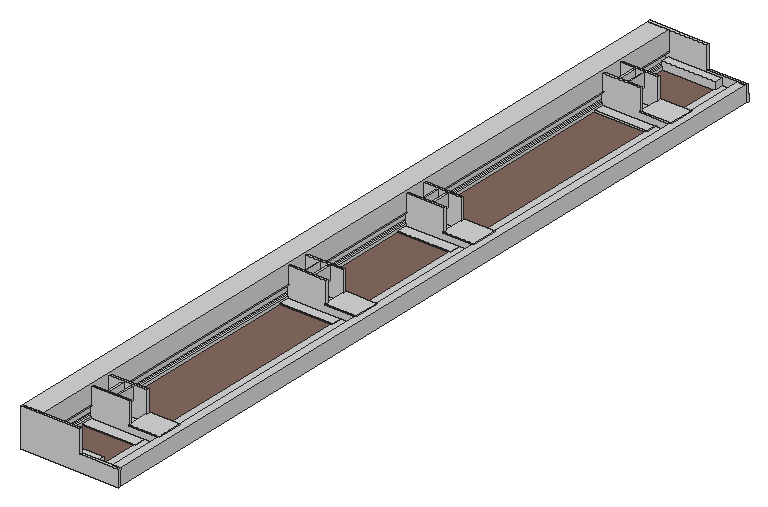
Revit family "MF_UNIVERSAL CORNER 8'_1904240", category Generic Models, Revit 2018
Family settings
  Can host rebar = No
  Round Connector Dimension = Use Diameter
  Part Type = Normal
  OmniClass Number = 35.51.14.00
  OmniClass Title = FORMWORK
  Work Plane-Based = Yes
  Always vertical = No
  Cut with Voids When Loaded = No
  Shared = Yes
  Room Calculation Point = No
Parameters
  VERSION = "20190101"  # constant formula
  URL = "www.ulmaconstruction.com/en"
  UNICLASS = ""
  ITEM_CODE = "1904240"
  Manufacturer = "ULMA CONSTRUCTION"  # constant formula
  FILTER [instance] = ""
  Default Elevation = 0.000 mm
  CLASSIFICATION_TITLE = ""
  CLASSIFICATION_NUMBER = ""
Reference planes
  plane 1 "Centro (Frontal/Posterior)": y = 0
  plane 2: z = 0
  plane 3 "Centro (Izquierda/Derecha)": x = 0
  plane 4 "ITEM_HEIGHT": y = 2438.4
Forms (mm)
  Extrusion 1, solid, material "ULMA ZINC", detail levels fine
    sketch origin (0, 0, 0) x (1, 0, 0) y (0, 0, 1)
      loop
        line (305.8, 50) -> (280.8, 50) -> (280.8, 47) -> (302.8, 47) -> (302.8, 3) -> (258.8, 3) -> (258.8, 24) -> (230.911, 24) -> (230.911, 20) -> (255.8, 20) -> (255.8, 0) -> (305.8, 0) -> (305.8, 50)
    from -2430.4 to -8
  Extrusion 2, solid, material "ULMA ZINC", detail levels fine
    sketch origin (0, 0, 0) x (1, 0, 0) y (0, 0, 1)
      loop
        line (64.999, 120) -> (0, 120) -> (0, 0) -> (7.867, 0) -> (7.867, 20) -> (64.999, 20) -> (64.999, 26.5)
        arc (64.999, 26.5) -> (63.974, 28.975) -> (61.499, 30) r 3.5
        line (61.499, 30) -> (54.999, 30)
        arc (54.999, 30) -> (53.231, 30.732) -> (52.499, 32.5) r 2.5
        line (52.499, 32.5) -> (52.499, 48.037)
        arc (52.499, 48.037) -> (52.915, 49.42) -> (54.025, 50.342) r 2.504
        line (54.025, 50.342) -> (61.342, 53.447)
        arc (61.342, 53.447) -> (64.002, 55.659) -> (64.999, 58.971) r 6.001
        line (64.999, 58.971) -> (64.999, 120)
    from -8 to -2430.4
  Extrusion 3, solid, material "ULMA ZINC", detail levels fine
    sketch origin (0, 0, 0) x (1, 0, 0) y (0, 0, 1)
      loop
        line (64.999, 24) -> (229.999, 24) -> (302.8, 24) -> (302.8, 34.699) -> (290.499, 47) -> (184.8, 47) -> (184.8, 114) -> (64.999, 114) -> (64.999, 24)
    from -197.6 to -191.6
  Extrusion 4, solid, material "ULMA ZINC", detail levels fine
    sketch origin (0, 68, 0) x (1, 0, 0) y (0, 0, 1)
      loop
        line (64.999, 24) -> (229.999, 24) -> (302.8, 24) -> (302.8, 34.699) -> (290.499, 47) -> (184.8, 47) -> (184.8, 114) -> (64.999, 114) -> (64.999, 24)
    from -197.6 to -191.6
  Extrusion 5, solid, material "ULMA ZINC", detail levels fine
    sketch origin (0, 762, 0) x (1, 0, 0) y (0, 0, 1)
      loop
        line (64.999, 24) -> (229.999, 24) -> (302.8, 24) -> (302.8, 34.699) -> (290.499, 47) -> (184.8, 47) -> (184.8, 114) -> (64.999, 114) -> (64.999, 24)
    from -197.6 to -191.6
  Extrusion 6, solid, material "ULMA ZINC", detail levels fine
    sketch origin (0, 830, 0) x (1, 0, 0) y (0, 0, 1)
      loop
        line (64.999, 24) -> (229.999, 24) -> (302.8, 24) -> (302.8, 34.699) -> (290.499, 47) -> (184.8, 47) -> (184.8, 114) -> (64.999, 114) -> (64.999, 24)
    from -197.6 to -191.6
  Extrusion 7, solid, material "ULMA ZINC", detail levels fine
    sketch origin (0, 0, 0) x (0, 1, 0) y (0, 0, 1)
      loop
        line (259.6, 109) -> (197.6, 109) -> (197.6, 24) -> (217.6, 24) -> (217.6, 69) -> (259.6, 69) -> (259.6, 109)
    from 135.499 to 141.499
  Extrusion 8, solid, material "ULMA ZINC", detail levels fine
    sketch origin (0, 762, 0) x (0, 1, 0) y (0, 0, 1)
      loop
        line (259.6, 109) -> (197.6, 109) -> (197.6, 24) -> (217.6, 24) -> (217.6, 69) -> (259.6, 69) -> (259.6, 109)
    from 135.499 to 141.499
  Extrusion 9, solid, material "ULMA ZINC", detail levels fine
    sketch origin (-29, 1219.2, 0) x (0, -1, 0) y (0, 0, -1)
      loop
        line (259.6, -109) -> (259.6, -69) -> (217.6, -69) -> (217.6, -24) -> (197.6, -24) -> (197.6, -109) -> (259.6, -109)
    from 135.499 to 141.499
  Extrusion 10, solid, material "ULMA ZINC", detail levels fine
    sketch origin (-29, 457.2, 0) x (0, -1, 0) y (0, 0, -1)
      loop
        line (259.6, -109) -> (259.6, -69) -> (217.6, -69) -> (217.6, -24) -> (197.6, -24) -> (197.6, -109) -> (259.6, -109)
    from 135.499 to 141.499
  Extrusion 11, solid, material "ULMA ZINC", detail levels fine
    sketch origin (0, 0, 0) x (1, 0, 0) y (0, 1, 0)
      loop
        line (230.911, 298.6) -> (64.999, 298.6) -> (64.999, 158.6) -> (230.911, 158.6) -> (230.911, 298.6)
    from 24 to 20
  Extrusion 12, solid, material "ULMA ZINC", detail levels fine
    sketch origin (0, 609.6, 0) x (1, 0, 0) y (0, 1, 0)
      loop
        line (184.8, 341) -> (280.8, 341) -> (280.8, 421) -> (184.8, 421) -> (184.8, 341)
    from 47 to 50
  Extrusion 13, solid, material "ULMA ZINC", detail levels fine
    sketch origin (0, -152.4, 0) x (1, 0, 0) y (0, 1, 0)
      loop
        line (184.8, 341) -> (280.8, 341) -> (280.8, 421) -> (184.8, 421) -> (184.8, 341)
    from 47 to 50
  Extrusion 14, solid, material "ULMA ZINC", detail levels fine
    sketch origin (0, 0, 0) x (1, 0, 0) y (0, 0, 1)
      loop
        line (184.8, 120) -> (0, 120) -> (0, 0) -> (305.8, 0) -> (305.8, 50) -> (184.8, 50) -> (184.8, 120)
    from 0 to -8
  Extrusion 15, solid, material "ULMA ZINC", detail levels fine
    sketch origin (0, 2430.4, 0) x (1, 0, 0) y (0, 0, 1)
      loop
        line (184.8, 120) -> (0, 120) -> (0, 0) -> (305.8, 0) -> (305.8, 50) -> (184.8, 50) -> (184.8, 120)
    from 0 to -8
  Extrusion 16, solid, material "ULMA PLYWOOD", detail levels fine
    sketch origin (0, 0, 0) x (1, 0, 0) y (0, 1, 0)
      loop
        line (255.8, 2430.4) -> (7.867, 2430.4) -> (7.867, 8) -> (255.8, 8) -> (255.8, 2430.4)
    from 0 to 20
  Extrusion 17, solid, material "ULMA ZINC", detail levels coarse+medium
    sketch origin (0, 0, 0) x (1, 0, 0) y (0, 0, 1)
      loop
        line (184.8, 120) -> (0, 120) -> (0, 0) -> (305.8, 0) -> (305.8, 50) -> (184.8, 50) -> (184.8, 120)
    from 0 to -2438.4
  Extrusion 18, solid, material "ULMA ZINC", detail levels fine
    sketch origin (0, 762, 0) x (1, 0, 0) y (0, 1, 0)
      loop
        line (230.911, 298.6) -> (64.999, 298.6) -> (64.999, 158.6) -> (230.911, 158.6) -> (230.911, 298.6)
    from 24 to 20
  Extrusion 19, solid, material "ULMA ZINC", detail levels fine
    sketch origin (0, 1219.2, 0) x (1, 0, 0) y (0, 0, 1)
      loop
        line (64.999, 24) -> (229.999, 24) -> (302.8, 24) -> (302.8, 34.699) -> (290.499, 47) -> (184.8, 47) -> (184.8, 114) -> (64.999, 114) -> (64.999, 24)
    from -197.6 to -191.6
  Extrusion 20, solid, material "ULMA ZINC", detail levels fine
    sketch origin (0, 1287.2, 0) x (1, 0, 0) y (0, 0, 1)
      loop
        line (64.999, 24) -> (229.999, 24) -> (302.8, 24) -> (302.8, 34.699) -> (290.499, 47) -> (184.8, 47) -> (184.8, 114) -> (64.999, 114) -> (64.999, 24)
    from -197.6 to -191.6
  Extrusion 21, solid, material "ULMA ZINC", detail levels fine
    sketch origin (0, 1219.2, 0) x (0, 1, 0) y (0, 0, 1)
      loop
        line (259.6, 109) -> (197.6, 109) -> (197.6, 24) -> (217.6, 24) -> (217.6, 69) -> (259.6, 69) -> (259.6, 109)
    from 135.499 to 141.499
  Extrusion 22, solid, material "ULMA ZINC", detail levels fine
    sketch origin (-29, 1676.4, 0) x (0, -1, 0) y (0, 0, -1)
      loop
        line (259.6, -109) -> (259.6, -69) -> (217.6, -69) -> (217.6, -24) -> (197.6, -24) -> (197.6, -109) -> (259.6, -109)
    from 135.499 to 141.499
  Extrusion 23, solid, material "ULMA ZINC", detail levels fine
    sketch origin (0, 1066.8, 0) x (1, 0, 0) y (0, 1, 0)
      loop
        line (184.8, 341) -> (280.8, 341) -> (280.8, 421) -> (184.8, 421) -> (184.8, 341)
    from 47 to 50
  Extrusion 24, solid, material "ULMA ZINC", detail levels fine
    sketch origin (0, 1219.2, 0) x (1, 0, 0) y (0, 1, 0)
      loop
        line (230.911, 298.6) -> (64.999, 298.6) -> (64.999, 158.6) -> (230.911, 158.6) -> (230.911, 298.6)
    from 24 to 20
  Extrusion 25, solid, material "ULMA ZINC", detail levels fine
    sketch origin (0, 1981.2, 0) x (1, 0, 0) y (0, 0, 1)
      loop
        line (64.999, 24) -> (229.999, 24) -> (302.8, 24) -> (302.8, 34.699) -> (290.499, 47) -> (184.8, 47) -> (184.8, 114) -> (64.999, 114) -> (64.999, 24)
    from -197.6 to -191.6
  Extrusion 26, solid, material "ULMA ZINC", detail levels fine
    sketch origin (0, 2049.2, 0) x (1, 0, 0) y (0, 0, 1)
      loop
        line (64.999, 24) -> (229.999, 24) -> (302.8, 24) -> (302.8, 34.699) -> (290.499, 47) -> (184.8, 47) -> (184.8, 114) -> (64.999, 114) -> (64.999, 24)
    from -197.6 to -191.6
  Extrusion 27, solid, material "ULMA ZINC", detail levels fine
    sketch origin (0, 1981.2, 0) x (0, 1, 0) y (0, 0, 1)
      loop
        line (259.6, 109) -> (197.6, 109) -> (197.6, 24) -> (217.6, 24) -> (217.6, 69) -> (259.6, 69) -> (259.6, 109)
    from 135.499 to 141.499
  Extrusion 28, solid, material "ULMA ZINC", detail levels fine
    sketch origin (-29, 2438.4, 0) x (0, -1, 0) y (0, 0, -1)
      loop
        line (259.6, -109) -> (259.6, -69) -> (217.6, -69) -> (217.6, -24) -> (197.6, -24) -> (197.6, -109) -> (259.6, -109)
    from 135.499 to 141.499
  Extrusion 29, solid, material "ULMA ZINC", detail levels fine
    sketch origin (0, 1828.8, 0) x (1, 0, 0) y (0, 1, 0)
      loop
        line (184.8, 341) -> (280.8, 341) -> (280.8, 421) -> (184.8, 421) -> (184.8, 341)
    from 47 to 50
  Extrusion 30, solid, material "ULMA ZINC", detail levels fine
    sketch origin (0, 1981.2, 0) x (1, 0, 0) y (0, 1, 0)
      loop
        line (230.911, 298.6) -> (64.999, 298.6) -> (64.999, 158.6) -> (230.911, 158.6) -> (230.911, 298.6)
    from 24 to 20
  Extrusion 31, solid, material "ULMA ZINC", detail levels fine
    sketch origin (0, 0, 0) x (0, 1, 0) y (0, 0, 1)
      loop
        line (2430.4, 45) -> (2405.4, 45) -> (2405.4, 20) -> (2430.4, 20) -> (2430.4, 45)
    from 64.999 to 230.911
  Extrusion 32, solid, material "ULMA ZINC", detail levels fine
    sketch origin (0, -2397.4, 0) x (0, 1, 0) y (0, 0, 1)
      loop
        line (2430.4, 45) -> (2405.4, 45) -> (2405.4, 20) -> (2430.4, 20) -> (2430.4, 45)
    from 64.999 to 230.911
Lines and regions (mm)
  model lines, style "ULMA PANELS", detail levels fine
    curve 1: circle (152.4, 0, 81) r 10 normal (0, 1, 0)
    curve 2: circle (262.8, 0, 7) r 5 normal (0, 1, 0)
    curve 3: circle (8, 0, 113) r 5 normal (0, 1, 0)
    curve 4: arc (47, 0, 35) -> (42, 0, 40) -> (47, 0, 45) r 5
    curve 5: line (47, 0, 45) -> (57, 0, 45)
    curve 6: arc (57, 0, 45) -> (62, 0, 40) -> (57, 0, 35) r 5
    curve 7: line (57, 0, 35) -> (47, 0, 35)
    curve 8: arc (5, 0, 28) -> (10, 0, 33) -> (15, 0, 28) r 5
    curve 9: line (15, 0, 28) -> (15, 0, 18)
    curve 10: arc (15, 0, 18) -> (10, 0, 13) -> (5, 0, 18) r 5
    curve 11: line (5, 0, 18) -> (5, 0, 28)
    curve 12: circle (152.4, 2438.4, 81) r 10 normal (0, 1, 0)
    curve 13: circle (262.8, 2438.4, 7) r 5 normal (0, 1, 0)
    curve 14: circle (8, 2438.4, 113) r 5 normal (0, 1, 0)
    curve 15: arc (47, 2438.4, 35) -> (42, 2438.4, 40) -> (47, 2438.4, 45) r 5
    curve 16: line (47, 2438.4, 45) -> (57, 2438.4, 45)
    curve 17: arc (57, 2438.4, 45) -> (62, 2438.4, 40) -> (57, 2438.4, 35) r 5
    curve 18: line (57, 2438.4, 35) -> (47, 2438.4, 35)
    curve 19: arc (5, 2438.4, 28) -> (10, 2438.4, 33) -> (15, 2438.4, 28) r 5
    curve 20: line (15, 2438.4, 28) -> (15, 2438.4, 18)
    curve 21: arc (15, 2438.4, 18) -> (10, 2438.4, 13) -> (5, 2438.4, 18) r 5
    curve 22: line (5, 2438.4, 18) -> (5, 2438.4, 28)
    curve 23: arc (12.405, 538.897, 0) -> (30.729, 524.075, 0) -> (51.282, 535.609, 0) r 21
    curve 24: arc (51.282, 535.609, 0) -> (53.423, 543.23, 0) -> (52.592, 551.103, 0) r 21.013
    curve 25: arc (52.592, 551.103, 0) -> (34.269, 565.925, 0) -> (13.716, 554.391, 0) r 21
    curve 26: arc (13.716, 554.391, 0) -> (11.575, 546.77, 0) -> (12.405, 538.897, 0) r 21.013
    curve 27: arc (11.499, 533.5, 120) -> (32.499, 512.5, 120) -> (53.499, 533.5, 120) r 21
    curve 28: arc (53.499, 556.5, 120) -> (32.499, 577.5, 120) -> (11.499, 556.5, 120) r 21
    curve 29: line (53.499, 556.5, 120) -> (53.499, 533.5, 120)
    curve 30: line (11.499, 556.5, 120) -> (11.499, 533.5, 120)
    curve 31: arc (12.405, 538.897, 120) -> (30.729, 524.075, 120) -> (51.282, 535.609, 120) r 21
    curve 32: arc (51.282, 535.609, 120) -> (53.423, 543.23, 120) -> (52.592, 551.103, 120) r 21.013
    curve 33: arc (52.592, 551.103, 120) -> (34.269, 565.925, 120) -> (13.716, 554.391, 120) r 21
    curve 34: arc (13.716, 554.391, 120) -> (11.575, 546.77, 120) -> (12.405, 538.897, 120) r 21.013
    curve 35: arc (11.499, 1881.9, 120) -> (32.499, 1860.9, 120) -> (53.499, 1881.9, 120) r 21
    curve 36: arc (53.499, 1904.9, 120) -> (32.499, 1925.9, 120) -> (11.499, 1904.9, 120) r 21
    curve 37: line (11.499, 1904.9, 120) -> (11.499, 1881.9, 120)
    curve 38: line (53.499, 1904.9, 120) -> (53.499, 1881.9, 120)
    curve 39: arc (51.282, 1884.009, 120) -> (53.423, 1891.63, 120) -> (52.592, 1899.503, 120) r 21.013
    curve 40: arc (52.592, 1899.503, 120) -> (34.269, 1914.325, 120) -> (13.716, 1902.791, 120) r 21
    curve 41: arc (13.716, 1902.791, 120) -> (11.575, 1895.17, 120) -> (12.405, 1887.297, 120) r 21.013
    curve 42: arc (12.405, 1887.297, 120) -> (30.729, 1872.475, 120) -> (51.282, 1884.009, 120) r 21
    curve 43: arc (51.282, 1884.009, 0) -> (53.423, 1891.63, 0) -> (52.592, 1899.503, 0) r 21.013
    curve 44: arc (52.592, 1899.503, 0) -> (34.269, 1914.325, 0) -> (13.716, 1902.791, 0) r 21
    curve 45: arc (13.716, 1902.791, 0) -> (11.575, 1895.17, 0) -> (12.405, 1887.297, 0) r 21.013
    curve 46: arc (12.405, 1887.297, 0) -> (30.729, 1872.475, 0) -> (51.282, 1884.009, 0) r 21
    curve 47: circle (152.4, 8, 81) r 10 normal (0, 1, 0)
    curve 48: circle (152.4, 2430.4, 81) r 10 normal (0, 1, 0)
Dimensions and locks
  aligned and locked: level to plane 2
